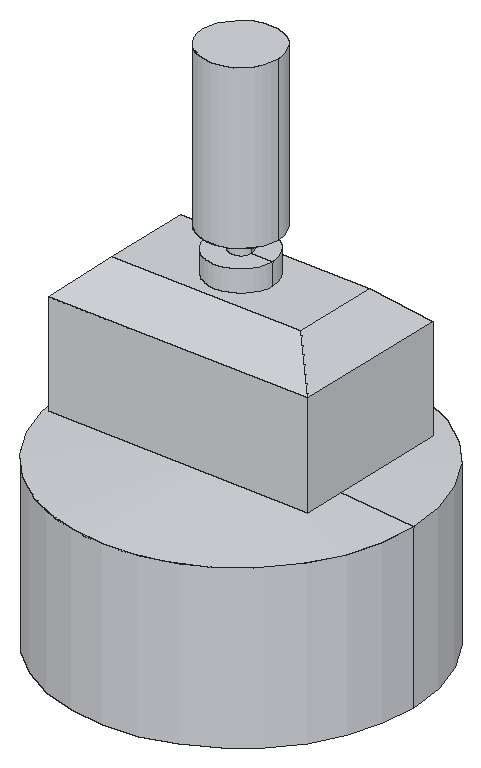
Revit family "00430766b7b349508290b7db947caa2a", category Mechanical Equipment, Revit 2021
Family settings
  Round Connector Dimension = Use Radius
  Part Type = Normal
  OmniClass Number = 23.75.70.11.14
  OmniClass Title = Expansion Vessels
  Seek Item ID = Expansion Tank - Combination-0000-USA-ENU
  Work Plane-Based = No
  Always vertical = Yes
  Cut with Voids When Loaded = No
  Shared = No
  Room Calculation Point = No
Parameters (values of type "2 Gallon")
  Tank Material = none
  Tank Height = 0' - 4 1/4"
  Tank Diameter = 0' - 8"
  Nominal Radius = 1/2"
  Nominal Diameter = Nominal Radius * 2  # 1"
  Height 1 = 0' - 3 3/4"
  Flow [instance] = 1 GPM
  Default Elevation = 0' - 0"
Types (5): name | Tank Height | Tank Diameter | Height 1
  (no name) | 0' - 4 1/4" | 0' - 8" | 0' - 3 3/4"
  2 Gallon | 0' - 4 1/4" | 0' - 8" | 0' - 3 3/4"
  4.4 Gallon | 0' - 7 1/8" | 0' - 11" | 0' - 6 51/128"
  7.6 Gallon | 1' - 2 5/8" | 0' - 11" | 1' - 1 1/8"
  14 Gallon | 1' - 0 5/8" | 1' - 3 3/8" | 0' - 11 1/4"
Reference planes (in)
  plane 1 "Center (Front/Back)": y = 0
  plane 2: z = 0
  plane 3 "Center (Left/Right)": x = 0
  plane 4: z = 4.25
  plane 5: z = 2.125
  plane 6: z = 4
  plane 7: z = 0.25
  plane 8: x = -4
  plane 9: x = 4
  plane 10: z = 4.75
  plane 11: x = -0.75
  plane 12: x = 0.75
  plane 13: x = -3
  plane 14: x = 3
  plane 15: z = 7.125
  plane 16: y = 1.8125
  plane 17: y = -1.8125
  plane 18: y = 1
  plane 19: y = -1
  plane 20: x = -2.1875
  plane 21: x = 2.1875
  plane 22: z = 7.875
  plane 23: z = 8.375
  plane 24: z = 8.625
  plane 25: z = 8.875
  plane 26: x = -0.75
  plane 27: x = 0.75
  plane 28: x = -0.25
  plane 29: x = 0.25
  plane 30: z = 12.625
Forms (in)
  Revolve 1, solid, material <- "Tank Material"
    sketch origin (0, 0, 0) x (1, 0, 0) y (0, 0, 1)
      loop
        line (-4, 4) -> (-4, 0.25)
        arc (-4, 0.25) -> (-2.0039, 0.06256) -> (0, 0) r 32.125
        line (0, 0) -> (0, 4.25)
        arc (0, 4.25) -> (-2.0039, 4.18744) -> (-4, 4) r 32.125
      axis (0, 4.25) -> (0, 0)
    angle from 0 to 360
  Revolve 2, solid, material <- "Tank Material"
    sketch origin (0, 0, 0) x (1, 0, 0) y (0, 0, 1)
      loop
        line (-0.75, 4.75) -> (-0.75, 4) -> (0, 4) -> (0, 4.75) -> (-0.75, 4.75)
      axis (0, 4.75) -> (0, 4)
    angle from 0 to 360
  Extrusion 3, solid, material <- "Tank Material", detail levels medium+fine
    sketch origin (0, 0, 0) x (1, 0, 0) y (0, 0, 1)
      loop
        line (-3, 7.125) -> (-3, 4.75) -> (3, 4.75) -> (3, 7.125) -> (-3, 7.125)
    from -1.8125 to 1.8125
  Blend 4, solid, material <- "Tank Material", detail levels medium+fine
    base sketch origin (0, 0, 0) x (1, 0, 0) y (0, 1, 0)
      loop
        line (-3, 1.8125) -> (-3, -1.8125) -> (3, -1.8125) -> (3, 1.8125) -> (-3, 1.8125)
    top sketch origin (0, 0, 0) x (1, 0, 0) y (0, 1, 0)
      loop
        line (-2.1875, 1) -> (-2.1875, -1) -> (2.1875, -1) -> (2.1875, 1) -> (-2.1875, 1)
    from 7.125 to 7.875
  Revolve 5, solid, material <- "Tank Material", detail levels medium+fine
    sketch origin (0, 0, 0) x (1, 0, 0) y (0, 0, 1)
      loop
        line (-0.75, 8.375) -> (-0.75, 7.875) -> (0, 7.875) -> (0, 8.375) -> (-0.75, 8.375)
      axis (0, 8.375) -> (0, 7.875)
    angle from 0 to 360
  Revolve 6, solid, material <- "Tank Material", detail levels medium+fine
    sketch origin (0, 0, 0) x (1, 0, 0) y (0, 0, 1)
      loop
        line (-0.25, 8.625) -> (-0.25, 8.375) -> (0, 8.375) -> (0, 8.625) -> (-0.25, 8.625)
      axis (0, 8.625) -> (0, 8.375)
    angle from 0 to 360
  Blend 7, solid, material <- "Tank Material", detail levels medium+fine
    base sketch origin (0, 0, 0) x (1, 0, 0) y (0, 1, 0)
      loop
        circle (0, 0) r 0.25
    top sketch origin (0, 0, 0) x (1, 0, 0) y (0, 1, 0)
      loop
        circle (0, 0) r 0.875
    from 8.625 to 8.875
  Extrusion 8, solid, material <- "Tank Material", detail levels medium+fine
    sketch origin (0, 0, 0) x (1, 0, 0) y (0, 1, 0)
      loop
        circle (0, 0) r 0.875
    from 8.875 to 12.625
  Extrusion 9, solid, material <- "Tank Material", detail levels coarse
    sketch origin (0, 0, 0) x (1, 0, 0) y (0, 0, 1)
      loop
        line (-3, 7.875) -> (-3, 4.75) -> (3, 4.75) -> (3, 7.875) -> (-3, 7.875)
    from -1.8125 to 1.8125
  Extrusion 10, solid, material <- "Tank Material", detail levels coarse
    sketch origin (0, 0, 0) x (1, 0, 0) y (0, 1, 0)
      loop
        circle (0, 0) r 0.875
    from 7.875 to 12.625
Cuts and joins
  joined: Revolve 1, Revolve 2
Dimensions and locks (in)
  equal spacing: plane 4, plane 5, plane 2
  "Tank Height": plane 4 to plane 2
  equal spacing: plane 6, plane 5, plane 7
  "Height 1": plane 6 to plane 7
  equal spacing: plane 9, plane 3 "Center (Left/Right)", plane 8
  "Tank Diameter": plane 9 to plane 8
  locked: plane 10 to plane 4 at 0.5
  equal spacing: plane 12, plane 3 "Center (Left/Right)", plane 11
  locked: plane 12 to plane 11 at 1.5
  equal spacing: plane 14, plane 3 "Center (Left/Right)", plane 13
  locked: plane 14 to plane 13 at 6
  locked: plane 15 to plane 10 at 2.375
  equal spacing: plane 16, plane 1 "Center (Front/Back)", plane 17
  locked: plane 16 to plane 17 at 3.625
  equal spacing: plane 18, plane 1 "Center (Front/Back)", plane 19
  locked: plane 18 to plane 19 at 2
  equal spacing: plane 20, plane 3 "Center (Left/Right)", plane 21
  locked: plane 20 to plane 21 at 4.375
  locked: plane 22 to plane 15 at 0.75
  locked: plane 23 to plane 22 at 0.5
  locked: plane 24 to plane 23 at 0.25
  locked: plane 25 to plane 24 at 0.25
  equal spacing: plane 27, plane 3 "Center (Left/Right)", plane 26
  locked: plane 27 to plane 26 at 1.5
  equal spacing: plane 29, plane 3 "Center (Left/Right)", plane 28
  locked: plane 29 to plane 28 at 0.5
  locked: plane 30 to plane 25 at 3.75
  radius of Blend 7 sketch curve = 0' - 0 1/4"
  radius of Blend 7 sketch curve = 0' - 0 7/8"
  radius of Extrusion 8 sketch curve = 0' - 0 7/8"
  radius of Extrusion 10 sketch curve = 0' - 0 7/8"
  aligned and locked: Revolve 1 sketch curve to plane 8
  aligned and locked: Revolve 1 sketch curve to plane 3 "Center (Left/Right)"
  aligned and locked: plane 6 to Revolve 1 sketch curve
  aligned and locked: plane 4 to Revolve 1 sketch curve
  aligned and locked: plane 7 to Revolve 1 sketch curve
  aligned and locked: plane 8 to Revolve 1 sketch curve
  aligned and locked: plane 2 to Revolve 1 sketch curve
  aligned and locked: plane 3 "Center (Left/Right)" to Revolve 1 sketch curve
  aligned and locked: Revolve 2 sketch curve to plane 10
  aligned and locked: Revolve 2 sketch curve to plane 11
  aligned and locked: plane 6 to Revolve 2 sketch curve
  aligned and locked: Revolve 2 sketch curve to plane 3 "Center (Left/Right)"
  aligned and locked: Extrusion 3 sketch curve to plane 15
  aligned and locked: Extrusion 3 sketch curve to plane 13
  aligned and locked: plane 14 to Extrusion 3 sketch curve
  aligned and locked: plane 10 to Extrusion 3 sketch curve
  aligned and locked: plane 16 to Extrusion 3
  aligned and locked: plane 17 to Extrusion 3
  aligned and locked: Blend 4 sketch curve to plane 16
  aligned and locked: plane 13 to Blend 4 sketch curve
  aligned and locked: Blend 4 sketch curve to plane 17
  aligned and locked: plane 14 to Blend 4 sketch curve
  aligned and locked: Blend 4 sketch curve to plane 18
  aligned and locked: plane 20 to Blend 4 sketch curve
  aligned and locked: Blend 4 sketch curve to plane 19
  aligned and locked: plane 21 to Blend 4 sketch curve
  aligned and locked: plane 22 to Blend 4
  aligned and locked: Blend 4 to plane 15
  aligned and locked: Revolve 5 sketch curve to plane 23
  aligned and locked: Revolve 5 sketch curve to plane 26
  aligned and locked: plane 22 to Revolve 5 sketch curve
  aligned and locked: Revolve 5 sketch curve to plane 3 "Center (Left/Right)"
  aligned and locked: Revolve 6 sketch curve to plane 24
  aligned and locked: Revolve 6 sketch curve to plane 28
  aligned and locked: plane 23 to Revolve 6 sketch curve
  aligned and locked: Revolve 6 sketch curve to plane 3 "Center (Left/Right)"
  aligned and locked: plane 1 "Center (Front/Back)" to Blend 7 sketch curve  (x2)
  aligned and locked: plane 3 "Center (Left/Right)" to Blend 7 sketch curve  (x2)
  aligned and locked: plane 24 to Blend 7
  aligned and locked: plane 25 to Blend 7
  aligned and locked: plane 1 "Center (Front/Back)" to Extrusion 8 sketch curve
  aligned and locked: plane 3 "Center (Left/Right)" to Extrusion 8 sketch curve
  aligned and locked: plane 30 to Extrusion 8
  aligned and locked: Extrusion 8 to plane 25
  aligned and locked: Extrusion 9 sketch curve to plane 22
  aligned and locked: Extrusion 9 sketch curve to plane 13
  aligned and locked: plane 10 to Extrusion 9 sketch curve
  aligned and locked: plane 14 to Extrusion 9 sketch curve
  aligned and locked: plane 3 "Center (Left/Right)" to Extrusion 10 sketch curve
  aligned and locked: plane 1 "Center (Front/Back)" to Extrusion 10 sketch curve
  aligned and locked: plane 30 to Extrusion 10
  aligned and locked: Extrusion 10 to plane 22
  aligned and locked: plane 16 to Extrusion 9
  aligned and locked: plane 17 to Extrusion 9
Automatic sketch dimensions
  Revolve 1 sketch curve to plane 3 "Center (Left/Right)" = 0' - 0"
  Revolve 1 sketch curve to Revolve 1 sketch curve = 0' - 3 7/8"
  Revolve 1 sketch curve to Revolve 1 sketch curve = 5' - 10.59382"
  Revolve 2 sketch curve to plane 3 "Center (Left/Right)" = 0' - 0"
  Revolve 2 sketch curve to level = 2' - 0"
  plane 10 to Revolve 2 sketch curve = 7' - 5.59382"
  Revolve 5 sketch curve to plane 3 "Center (Left/Right)" = 0' - 0"
  Revolve 5 sketch curve to level = 2' - 0"
  plane 25 to Revolve 5 sketch curve = 7' - 1.46882"
  Revolve 6 sketch curve to plane 3 "Center (Left/Right)" = 0' - 0"
  Revolve 6 sketch curve to level = 2' - 0"
  plane 25 to Revolve 6 sketch curve = 7' - 1.46882"
Connectors (in)
  piping at (-3, 0, 5.9375), diameter 1, driven by "Nominal Radius", driven by "Flow"
    settings: on Extrusion 3, index 1, connector inside diameter 1", connector length 0' - 0", flow factor 0, pipe flow 1 GPM, pressure drop 0.00 psi, fitting loss kfactor 0, connector angle 0.00°, fixture units 0, engagement length 0' - 0", angle of deflection 0.00°, flow configuration 0, flow direction 0, fitting loss method 0, system type 29, joint type 0, gender type 0, connector reference index 2, connector utility 0, adjustable connector no, is connector primary yes, connector description ""
  piping at (3, 0, 5.9375), diameter 1, driven by "Nominal Radius", driven by "Flow"
    settings: on Extrusion 3, index 2, connector inside diameter 1", connector length 0' - 0", flow factor 0, pipe flow 1 GPM, pressure drop 0.00 psi, fitting loss kfactor 0, connector angle 0.00°, fixture units 0, engagement length 0' - 0", angle of deflection 0.00°, flow configuration 0, flow direction 0, fitting loss method 0, system type 29, joint type 0, gender type 0, connector reference index 1, connector utility 0, adjustable connector no, is connector primary no, connector description ""
